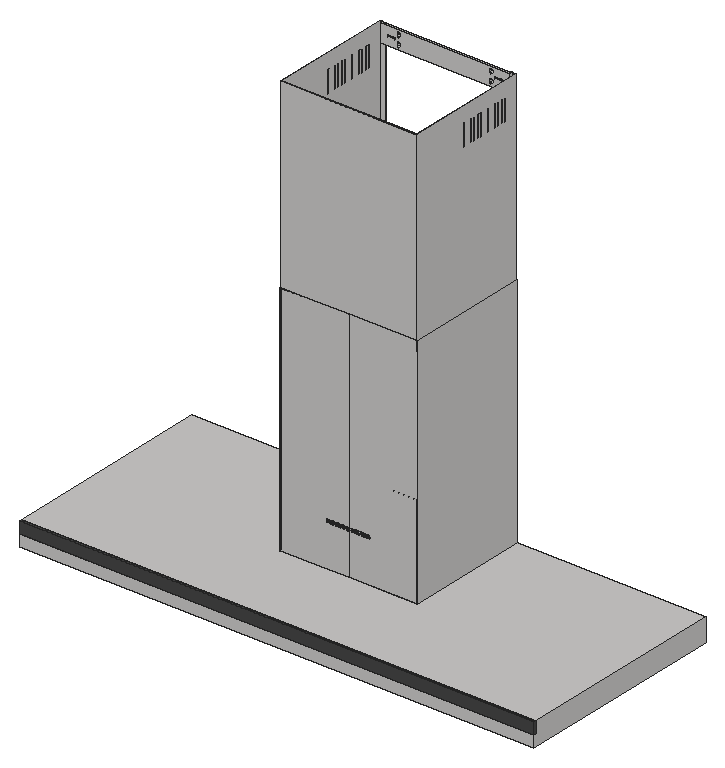
Revit family "FP_Revit_18_HC120DCXB1_Rangehood_90001850A", category Specialty Equipment, Revit 2018
Family settings
  Round Connector Dimension = Use Diameter
  Part Type = Normal
  OmniClass Number = 23.40.40.00
  OmniClass Title = Food Service Equipment and Furnishings
  Work Plane-Based = No
  Always vertical = Yes
  Cut with Voids When Loaded = Yes
  Shared = No
  Room Calculation Point = No
Parameters
  Visibility - Upper Chimney Extension [instance] = yes
  URL = "www.fisherpaykel.com"
  Product - Width = 899 mm  # constant formula
  Product - Height (595mm - 1035mm) [instance] = 1035 mm
  Product - Depth = 500 mm  # constant formula
  Model = "HC120DCXB1"
  Material - Display Panel = Fisher & Paykel - Black
  Material - Body = Fisher & Paykel - Stainless Steel
  Manufacturer = "Fisher & Paykel Appliances"
  FFL Offset [instance] = 1565 mm
  Description = "120cm Rangehood"
  Connector Description - Extraction = "150mm Semi Rigid Rangehood Ducting, 800m³/hr"
  Connector Description - Electrical = "220-240 V, 50 Hz, 370 W"
  Chassis - Width = 320 mm  # constant formula
  Chassis - Height = 604 mm  # constant formula
  Chassis - Depth = 291 mm  # constant formula
Reference planes
  plane 1 "Datum": y = 0
  plane 2: z = 0
  plane 3 "Center (Left/Right)": x = 0
  plane 4 "Product - Height": z = 2600
  plane 5 "Product LHS": x = -599
  plane 6 "Product RHS": x = 599
  plane 7 "Product - Depth": y = -500
  plane 8 "Cavity LHS": x = -160
  plane 9 "Cavity RHS": x = 160
  plane 10 "Chassis - Depth": y = -291
  plane 11 "FFL Offset": z = 1565
Forms (mm)
  Extrusion 1, solid, material "Fisher & Paykel - Stainless Steel" <- "Material - Body"
    sketch origin (0, 0, 0) x (1, 0, 0) y (0, 1, 0)
      loop
        line (-145, 0) -> (-160, 0) -> (-160, -291) -> (0, -291) -> (160, -291) -> (160, 0) -> (145, 0) -> (145, -1) -> (159, -1) -> (159, -290) -> (-159, -290) -> (-159, -1) -> (-145, -1) -> (-145, 0)
    from 1620 to 2169
  Extrusion 2, solid, material "Fisher & Paykel - Stainless Steel" <- "Material - Body", visible <- "Visibility - Upper Chimney Extension"
    sketch origin (0, 0, 0) x (1, 0, 0) y (0, 1, 0)
      loop
        line (-158, -3) -> (-145, -3) -> (-145, -2) -> (-159, -2) -> (-159, -290) -> (159, -290) -> (159, -2) -> (145, -2) -> (145, -3) -> (158, -3) -> (158, -289.044) -> (-158, -289.044) -> (-158, -3)
    from 2149 to 2600
  Extrusion 3, solid, material "Fisher & Paykel - Stainless Steel" <- "Material - Body"
    sketch origin (0, 0, 0) x (1, 0, 0) y (0, 1, 0)
      loop
        line (-599, 0) -> (-599, -500) -> (599, -500) -> (599, 0) -> (-599, 0)
    from 1565 to 1620
  Extrusion 4, void
    sketch origin (0, 0, 0) x (0, 1, 0) y (0, 0, 1)
      loop
        line (-500, 1620) -> (-500, 1592.5) -> (-495, 1592.5) -> (-495, 1620) -> (-500, 1620)
    from -599 to 599
  Extrusion 5, solid, material "Fisher & Paykel - Black" <- "Material - Display Panel", detail levels medium+fine
    sketch origin (0, 0, 1000) x (0, 1, 0) y (0, 0, 1)
      loop
        line (-495, 592.5) -> (-495, 620) -> (-500, 620) -> (-500, 592.5) -> (-495, 592.5)
    from -599 to 599
  Extrusion 6, solid, material "Fisher & Paykel - Stainless Steel" <- "Material - Body"
    sketch origin (0, 0, 0) x (1, 0, 0) y (0, 1, 0)
      loop
        line (159, -1) -> (-159, -1) -> (-159, -290) -> (159, -290) -> (159, -1)
    from 1620 to 1838
  Extrusion 7, solid, material "Fisher & Paykel - Stainless Steel" <- "Material - Body"
    sketch origin (0, 0, 0) x (1, 0, 0) y (0, 1, 0)
      loop
        circle (0, -105) r 75
      loop
        circle (0, -105) r 73
    from 1838 to 1970.269
  Extrusion 8, solid, material "Fisher & Paykel - Stainless Steel" <- "Material - Body"
    sketch origin (0, 0, 0) x (1, 0, 0) y (0, 0, 1)
      loop
        line (-145, 1860) -> (-145, 1838) -> (145, 1838) -> (145, 1860) -> (-145, 1860)
      loop
        line (-127.5, 1851) -> (-127.5, 1849.33)
        arc (-127.5, 1849.33) -> (-125, 1840) -> (-122.5, 1849.33) r 5
        line (-122.5, 1849.33) -> (-122.5, 1851)
        arc (-122.5, 1851) -> (-125, 1853.5) -> (-127.5, 1851) r 2.5
      loop
        line (122.5, 1851) -> (122.5, 1849.33)
        arc (122.5, 1849.33) -> (125, 1840) -> (127.5, 1849.33) r 5
        line (127.5, 1849.33) -> (127.5, 1851)
        arc (127.5, 1851) -> (125, 1853.5) -> (122.5, 1851) r 2.5
    from 0 to 2
  Extrusion 9, solid, material "Fisher & Paykel - Stainless Steel" <- "Material - Body", visible <- "Visibility - Upper Chimney Extension"
    sketch origin (0, 0, 0) x (1, 0, 0) y (0, 0, 1)
      loop
        line (-150, 2558.811) -> (150, 2558.811) -> (150, 2600) -> (-150, 2600) -> (-150, 2558.811)
      loop
        line (104, 2592.5) -> (104, 2588.5)
        arc (104, 2588.5) -> (108, 2584.5) -> (112, 2588.5) r 4
        line (112, 2588.5) -> (112, 2592.5)
        arc (112, 2592.5) -> (108, 2596.5) -> (104, 2592.5) r 4
      loop
        arc (112, 2571.5) -> (108, 2575.5) -> (104, 2571.5) r 4
        line (104, 2571.5) -> (104, 2566.794)
        arc (104, 2566.794) -> (108, 2563.544) -> (112, 2566.794) r 4.087
        line (112, 2566.794) -> (112, 2571.5)
      loop
        arc (117.5, 2582.5) -> (115, 2580) -> (117.5, 2577.5) r 2.5
        line (117.5, 2577.5) -> (132.5, 2577.5)
        arc (132.5, 2577.5) -> (135, 2580) -> (132.5, 2582.5) r 2.5
        line (132.5, 2582.5) -> (117.5, 2582.5)
      loop
        arc (-104, 2592.5) -> (-108, 2596.5) -> (-112, 2592.5) r 4
        line (-112, 2592.5) -> (-112, 2588.5)
        arc (-112, 2588.5) -> (-108, 2584.5) -> (-104, 2588.5) r 4
        line (-104, 2588.5) -> (-104, 2592.5)
      loop
        line (-112, 2571.5) -> (-112, 2566.794)
        arc (-112, 2566.794) -> (-108, 2563.544) -> (-104, 2566.794) r 4.087
        line (-104, 2566.794) -> (-104, 2571.5)
        arc (-104, 2571.5) -> (-108, 2575.5) -> (-112, 2571.5) r 4
      loop
        line (-117.5, 2582.5) -> (-132.5, 2582.5)
        arc (-132.5, 2582.5) -> (-135, 2580) -> (-132.5, 2577.5) r 2.5
        line (-132.5, 2577.5) -> (-117.5, 2577.5)
        arc (-117.5, 2577.5) -> (-115, 2580) -> (-117.5, 2582.5) r 2.5
    from 3 to 9
  Extrusion 10, void
    sketch origin (0, 0, 0) x (0, 1, 0) y (0, 0, 1)
      loop
        line (-157, 2564.417) -> (-157, 2514.417)
        arc (-157, 2514.417) -> (-154.5, 2511.917) -> (-152, 2514.417) r 2.5
        line (-152, 2514.417) -> (-152, 2564.417)
        arc (-152, 2564.417) -> (-154.5, 2566.917) -> (-157, 2564.417) r 2.5
      loop
        line (-147, 2564.417) -> (-147, 2514.417)
        arc (-147, 2514.417) -> (-144.5, 2511.917) -> (-142, 2514.417) r 2.5
        line (-142, 2514.417) -> (-142, 2564.417)
        arc (-142, 2564.417) -> (-144.5, 2566.917) -> (-147, 2564.417) r 2.5
      loop
        line (-137, 2564.417) -> (-137, 2514.417)
        arc (-137, 2514.417) -> (-134.5, 2511.917) -> (-132, 2514.417) r 2.5
        line (-132, 2514.417) -> (-132, 2564.417)
        arc (-132, 2564.417) -> (-134.5, 2566.917) -> (-137, 2564.417) r 2.5
      loop
        line (-127, 2564.417) -> (-127, 2514.417)
        arc (-127, 2514.417) -> (-124.5, 2511.917) -> (-122, 2514.417) r 2.5
        line (-122, 2514.417) -> (-122, 2564.417)
        arc (-122, 2564.417) -> (-124.5, 2566.917) -> (-127, 2564.417) r 2.5
      loop
        line (-117, 2564.417) -> (-117, 2514.417)
        arc (-117, 2514.417) -> (-114.5, 2511.917) -> (-112, 2514.417) r 2.5
        line (-112, 2514.417) -> (-112, 2564.417)
        arc (-112, 2564.417) -> (-114.5, 2566.917) -> (-117, 2564.417) r 2.5
      loop
        line (-107, 2564.417) -> (-107, 2514.417)
        arc (-107, 2514.417) -> (-104.5, 2511.917) -> (-102, 2514.417) r 2.5
        line (-102, 2514.417) -> (-102, 2564.417)
        arc (-102, 2564.417) -> (-104.5, 2566.917) -> (-107, 2564.417) r 2.5
      loop
        line (-97, 2564.417) -> (-97, 2514.417)
        arc (-97, 2514.417) -> (-94.5, 2511.917) -> (-92, 2514.417) r 2.5
        line (-92, 2514.417) -> (-92, 2564.417)
        arc (-92, 2564.417) -> (-94.5, 2566.917) -> (-97, 2564.417) r 2.5
      loop
        line (-87, 2564.417) -> (-87, 2514.417)
        arc (-87, 2514.417) -> (-84.5, 2511.917) -> (-82, 2514.417) r 2.5
        line (-82, 2514.417) -> (-82, 2564.417)
        arc (-82, 2564.417) -> (-84.5, 2566.917) -> (-87, 2564.417) r 2.5
      loop
        line (-77, 2564.417) -> (-77, 2514.417)
        arc (-77, 2514.417) -> (-74.5, 2511.917) -> (-72, 2514.417) r 2.5
        line (-72, 2514.417) -> (-72, 2564.417)
        arc (-72, 2564.417) -> (-74.5, 2566.917) -> (-77, 2564.417) r 2.5
      loop
        line (-67, 2564.417) -> (-67, 2514.417)
        arc (-67, 2514.417) -> (-64.5, 2511.917) -> (-62, 2514.417) r 2.5
        line (-62, 2514.417) -> (-62, 2564.417)
        arc (-62, 2564.417) -> (-64.5, 2566.917) -> (-67, 2564.417) r 2.5
      loop
        line (-57, 2564.417) -> (-57, 2514.417)
        arc (-57, 2514.417) -> (-54.5, 2511.917) -> (-52, 2514.417) r 2.5
        line (-52, 2514.417) -> (-52, 2564.417)
        arc (-52, 2564.417) -> (-54.5, 2566.917) -> (-57, 2564.417) r 2.5
      loop
        line (-47, 2564.417) -> (-47, 2514.417)
        arc (-47, 2514.417) -> (-44.5, 2511.917) -> (-42, 2514.417) r 2.5
        line (-42, 2514.417) -> (-42, 2564.417)
        arc (-42, 2564.417) -> (-44.5, 2566.917) -> (-47, 2564.417) r 2.5
      loop
        line (-37, 2564.417) -> (-37, 2514.417)
        arc (-37, 2514.417) -> (-34.5, 2511.917) -> (-32, 2514.417) r 2.5
        line (-32, 2514.417) -> (-32, 2564.417)
        arc (-32, 2564.417) -> (-34.5, 2566.917) -> (-37, 2564.417) r 2.5
    from -159 to 159
  Extrusion 11, solid, material "Fisher & Paykel - Stainless Steel" <- "Material - Body"
    sketch origin (0, 0, 0) x (1, 0, 0) y (0, 0, 1)
      loop
        line (145, 2141) -> (-145, 2141) -> (-145, 2101) -> (145, 2101) -> (145, 2141)
      loop
        line (125, 2123.5) -> (110, 2123.5)
        arc (110, 2123.5) -> (107.5, 2121) -> (110, 2118.5) r 2.5
        line (110, 2118.5) -> (125, 2118.5)
        arc (125, 2118.5) -> (127.5, 2121) -> (125, 2123.5) r 2.5
      loop
        line (-110, 2123.5) -> (-125, 2123.5)
        arc (-125, 2123.5) -> (-127.5, 2121) -> (-125, 2118.5) r 2.5
        line (-125, 2118.5) -> (-110, 2118.5)
        arc (-110, 2118.5) -> (-107.5, 2121) -> (-110, 2123.5) r 2.5
    from 2 to 9
  Extrusion 12, void
    sketch origin (0, 0, 0) x (1, 0, 0) y (0, 1, 0)
      loop
        line (-516, -400) -> (516.834, -400) -> (516.834, -83) -> (-516, -83) -> (-516, -400)
      loop
        circle (115, -45) r 25
      loop
        circle (-115, -45) r 25
    from 1565 to 1574
  Extrusion 13, solid, material "Fisher & Paykel - Stainless Steel" <- "Material - Body", detail levels fine
    sketch origin (0, 0, 0) x (1, 0, 0) y (0, 1, 0)
      loop
        line (516, -83) -> (258.469, -83) -> (258.469, -400) -> (516, -400) -> (516, -83)
      loop
        line (267, -391) -> (368.5, -391) -> (368.5, -347) -> (405.5, -347) -> (405.5, -391) -> (507, -391) -> (507, -92) -> (267, -92) -> (267, -391)
      loop
        line (397.5, -357.5) -> (376.5, -357.5) -> (376.5, -391) -> (397.5, -391) -> (397.5, -357.5)
      loop
        line (376.9, -364.5) -> (376.9, -390.562) -> (397.1, -390.562) -> (397.1, -364.5) -> (376.9, -364.5)
      loop
        line (258.001, -83) -> (0.47, -83) -> (0.47, -400) -> (258.001, -400) -> (258.001, -83)
      loop
        line (9.001, -391) -> (110.501, -391) -> (110.501, -347) -> (147.501, -347) -> (147.501, -391) -> (249.001, -391) -> (249.001, -92) -> (9.001, -92) -> (9.001, -391)
      loop
        line (139.501, -357.5) -> (118.501, -357.5) -> (118.501, -391) -> (139.501, -391) -> (139.501, -357.5)
      loop
        line (118.901, -364.5) -> (118.901, -390.562) -> (139.101, -390.562) -> (139.101, -364.5) -> (118.901, -364.5)
      loop
        line (-516, -83) -> (-516, -400) -> (-258.469, -400) -> (-258.469, -83) -> (-516, -83)
      loop
        line (-267, -391) -> (-267, -92) -> (-507, -92) -> (-507, -391) -> (-405.5, -391) -> (-405.5, -347) -> (-368.5, -347) -> (-368.5, -391) -> (-267, -391)
      loop
        line (-397.5, -357.5) -> (-397.5, -391) -> (-376.5, -391) -> (-376.5, -357.5) -> (-397.5, -357.5)
      loop
        line (-376.9, -364.5) -> (-397.1, -364.5) -> (-397.1, -390.562) -> (-376.9, -390.562) -> (-376.9, -364.5)
      loop
        line (-258.001, -83) -> (-258.001, -400) -> (-0.47, -400) -> (-0.47, -83) -> (-258.001, -83)
      loop
        line (-9.001, -391) -> (-9.001, -92) -> (-249.001, -92) -> (-249.001, -391) -> (-147.501, -391) -> (-147.501, -347) -> (-110.501, -347) -> (-110.501, -391) -> (-9.001, -391)
      loop
        line (-139.501, -357.5) -> (-139.501, -391) -> (-118.501, -391) -> (-118.501, -357.5) -> (-139.501, -357.5)
      loop
        line (-118.901, -364.5) -> (-139.101, -364.5) -> (-139.101, -390.562) -> (-118.901, -390.562) -> (-118.901, -364.5)
    from 1565 to 1574
  Extrusion 14, solid, material "Fisher & Paykel - Aluminium", detail levels medium+fine
    sketch origin (0, 0, 0) x (1, 0, 0) y (0, 1, 0)
      loop
        line (507, -92) -> (267, -92) -> (267, -391) -> (368.5, -391) -> (368.5, -347) -> (405.5, -347) -> (405.5, -391) -> (507, -391) -> (507, -92)
      loop
        line (249.001, -92) -> (9.001, -92) -> (9.001, -391) -> (110.501, -391) -> (110.501, -347) -> (147.501, -347) -> (147.501, -391) -> (249.001, -391) -> (249.001, -92)
      loop
        line (-507, -92) -> (-507, -391) -> (-405.5, -391) -> (-405.5, -347) -> (-368.5, -347) -> (-368.5, -391) -> (-267, -391) -> (-267, -92) -> (-507, -92)
      loop
        line (-249.001, -92) -> (-249.001, -391) -> (-147.501, -391) -> (-147.501, -347) -> (-110.501, -347) -> (-110.501, -391) -> (-9.001, -391) -> (-9.001, -92) -> (-249.001, -92)
    from 1565 to 1572
  Extrusion 15, solid, material "Fisher & Paykel - Bezel White", detail levels fine
    sketch origin (0, 0, 0) x (1, 0, 0) y (0, 1, 0)
      loop
        circle (115, -45) r 22
      loop
        circle (-115, -45) r 22
    from 1565 to 1572
  Extrusion 16, solid, material "Fisher & Paykel - Stainless Steel" <- "Material - Body", detail levels fine
    sketch origin (0, 0, 0) x (1, 0, 0) y (0, 1, 0)
      loop
        circle (115, -45) r 22
      loop
        circle (115, -45) r 25
      loop
        circle (-115, -45) r 22
      loop
        circle (-115, -45) r 25
    from 1566 to 1574
  Extrusion 17, solid, material "Fisher & Paykel - Stainless Steel" <- "Material - Body", detail levels medium+fine
    sketch origin (0, 0, 0) x (1, 0, 0) y (0, 1, 0)
      loop
        circle (101, -15) r 4
    from 1838 to 1970.269
Cuts and joins
  Extrusion 4, Extrusion 12 cuts Extrusion 3
  Extrusion 10 cuts Extrusion 2
Text (mm)
  text "Due to ongoing product development, product details are subject to change without notice. \nPlease always refer to www.fisherpaykel.com for the most current product information. \n© Fisher & Paykel 2020" at (41.04, -1225.549, 0), in view "Ref. Level (Plan)"
Dimensions and locks
  equal spacing: plane 5 "Product LHS", plane 3 "Center (Left/Right)", plane 6 "Product RHS"
  equal spacing: plane 8 "Cavity LHS", plane 3 "Center (Left/Right)", plane 9 "Cavity RHS"
  "Chassis - Width": plane 8 "Cavity LHS" to plane 9 "Cavity RHS"
  locked: Extrusion 1 sketch curve to Extrusion 1 sketch curve at 1  (x3)
  locked: Extrusion 2 to Extrusion 2 at 451
  "Product - Depth": plane 7 "Product - Depth" to plane 1 "Datum"
  "FFL Offset": plane 11 "FFL Offset" to level
  Extrusion 9 sketch curve to plane 4 "Product - Height" = 41.189 mm
  Extrusion 9 sketch curve to plane 4 "Product - Height" = 17.5 mm
  "Chassis - Height": Extrusion 1 to plane 11 "FFL Offset"
  plane 11 "FFL Offset" to Extrusion 8 sketch curve = 295 mm
  locked: Extrusion 7 to plane 11 "FFL Offset" at 405.269
  locked: cut or joined group of Extrusion 3, Extrusion 4, Extrusion 12 to plane 11 "FFL Offset" at 9
  locked: Extrusion 14 to plane 11 "FFL Offset" at 7
  locked: Extrusion 5 to plane 11 "FFL Offset" at 27.5
  locked: plane 11 "FFL Offset" to nested 1 at 153
  "Product - Height (595mm - 1035mm)": plane 4 "Product - Height" to plane 11 "FFL Offset"
  locked: cut or joined group of Extrusion 3, Extrusion 4, Extrusion 12 to Extrusion 16 at 1
  locked: Extrusion 6 to plane 11 "FFL Offset" at 273
  "Chassis - Depth": plane 1 "Datum" to plane 10 "Chassis - Depth"
  locked: cut or joined group of Extrusion 3, Extrusion 4, Extrusion 12 to plane 11 "FFL Offset" at 55
  locked: Extrusion 9 to plane 4 "Product - Height" at 41.189
  locked: plane 11 "FFL Offset" to Extrusion 11 at 536
  locked: plane 11 "FFL Offset" to Extrusion 11 at 576
  aligned and locked: level to plane 2
  aligned and locked: Extrusion 1 sketch curve to plane 8 "Cavity LHS"
  aligned and locked: plane 9 "Cavity RHS" to Extrusion 1 sketch curve
  aligned and locked: plane 1 "Datum" to Extrusion 1 sketch curve  (x2)
  aligned and locked: plane 10 "Chassis - Depth" to Extrusion 1 sketch curve
  aligned and locked: plane 6 "Product RHS" to Extrusion 3 sketch curve
  aligned and locked: plane 1 "Datum" to Extrusion 3 sketch curve
  aligned and locked: Extrusion 3 sketch curve to plane 5 "Product LHS"
  aligned and locked: Extrusion 3 sketch curve to plane 7 "Product - Depth"
  aligned and locked: plane 7 "Product - Depth" to Extrusion 4 sketch curve
  aligned and locked: Extrusion 4 sketch curve to cut or joined group of Extrusion 3, Extrusion 4, Extrusion 12
  aligned and locked: Extrusion 4 to plane 6 "Product RHS"
  aligned and locked: plane 5 "Product LHS" to Extrusion 4
  aligned and locked: cut or joined group of Extrusion 3, Extrusion 4, Extrusion 12 to Extrusion 5
  aligned and locked: Extrusion 5 to cut or joined group of Extrusion 3, Extrusion 4, Extrusion 12
  aligned and locked: Extrusion 1 to Extrusion 6
  aligned and locked: Extrusion 7 to Extrusion 6
  aligned and locked: plane 4 "Product - Height" to Extrusion 2
  aligned and locked: Extrusion 10 to Extrusion 1  (x2)
  aligned and locked: plane 4 "Product - Height" to Extrusion 9
  aligned and locked: Extrusion 9 sketch curve to Extrusion 9 sketch curve
  aligned and locked: Extrusion 3 to plane 11 "FFL Offset"
  aligned and locked: Extrusion 6 to cut or joined group of Extrusion 3, Extrusion 4, Extrusion 12
  aligned and locked: Extrusion 3 to Extrusion 12
  aligned and locked: cut or joined group of Extrusion 3, Extrusion 4, Extrusion 12 to Extrusion 13  (x2)
  aligned and locked: cut or joined group of Extrusion 3, Extrusion 4, Extrusion 12 to Extrusion 14
  aligned and locked: Extrusion 15 to Extrusion 14
  aligned and locked: cut or joined group of Extrusion 3, Extrusion 4, Extrusion 12 to Extrusion 15
  aligned and locked: Extrusion 4 to Extrusion 5
  aligned and locked: Extrusion 1 to Extrusion 5
  aligned and locked: Extrusion 16 to cut or joined group of Extrusion 3, Extrusion 4, Extrusion 12
  aligned and locked: Extrusion 17 to Extrusion 6
  aligned and locked: Extrusion 17 to Extrusion 7
  aligned and locked: cut or joined group of Extrusion 2, Extrusion 10 to Extrusion 9
Automatic sketch dimensions
  Extrusion 1 sketch curve to plane 3 "Center (Left/Right)" = 0 mm
  plane 1 "Datum" to Extrusion 1 sketch curve = 1 mm  (x2)
  Extrusion 1 sketch curve to Extrusion 1 sketch curve = 14 mm
  plane 9 "Cavity RHS" to Extrusion 1 sketch curve = 15 mm
  plane 7 "Product - Depth" to Extrusion 4 sketch curve = 5 mm
  level to Extrusion 4 sketch curve = 1592.5 mm
  Extrusion 5 sketch curve to Extrusion 5 sketch curve = 27.5 mm
  Extrusion 6 sketch curve to plane 8 "Cavity LHS" = 1 mm
  plane 9 "Cavity RHS" to Extrusion 6 sketch curve = 1 mm
  plane 10 "Chassis - Depth" to Extrusion 6 sketch curve = 1 mm
  plane 1 "Datum" to Extrusion 6 sketch curve = 1 mm
  Extrusion 2 sketch curve to plane 8 "Cavity LHS" = 1 mm
  Extrusion 2 sketch curve to Extrusion 2 sketch curve = 1 mm  (x3)
  plane 1 "Datum" to Extrusion 2 sketch curve = 3 mm  (x2)
  Extrusion 2 sketch curve to Extrusion 2 sketch curve = 13 mm
  plane 9 "Cavity RHS" to Extrusion 2 sketch curve = 15 mm
  plane 9 "Cavity RHS" to Extrusion 2 sketch curve = 2 mm
  plane 9 "Cavity RHS" to Extrusion 2 sketch curve = 1 mm
  plane 10 "Chassis - Depth" to Extrusion 2 sketch curve = 1.956 mm
  plane 10 "Chassis - Depth" to Extrusion 2 sketch curve = 1 mm
  Extrusion 10 sketch curve to plane 4 "Product - Height" = 85.583 mm  (x2)
  plane 1 "Datum" to Extrusion 10 sketch curve = 157 mm
  Extrusion 10 sketch curve to Extrusion 10 sketch curve = 2.5 mm  (x13)
  Extrusion 10 sketch curve to Extrusion 10 sketch curve = 5 mm  (x12)
  Extrusion 10 sketch curve to Extrusion 10 sketch curve = 0 mm  (x23)
  Extrusion 10 sketch curve to plane 4 "Product - Height" = 35.583 mm
  Extrusion 11 sketch curve to plane 5 "Product LHS" = 454 mm
  Extrusion 11 sketch curve to Extrusion 11 sketch curve = 20 mm  (x2)
  Extrusion 11 sketch curve to Extrusion 11 sketch curve = 15 mm  (x2)
  Extrusion 11 sketch curve to plane 8 "Cavity LHS" = 270 mm
  Extrusion 11 sketch curve to Extrusion 11 sketch curve = 17.5 mm  (x3)
  Extrusion 11 sketch curve to Extrusion 11 sketch curve = 2.5 mm  (x2)
  Extrusion 5 sketch curve to Extrusion 5 sketch curve = 5 mm
  Extrusion 5 sketch curve to plane 7 "Product - Depth" = 0 mm
  plane 11 "FFL Offset" to Extrusion 5 sketch curve = 27.5 mm
  Extrusion 15 sketch curve to plane 8 "Cavity LHS" = 45 mm
  plane 9 "Cavity RHS" to Extrusion 15 sketch curve = 45 mm
  plane 1 "Datum" to Extrusion 15 sketch curve = 45 mm  (x2)
  Extrusion 12 sketch curve to plane 5 "Product LHS" = 83 mm
  Extrusion 12 sketch curve to plane 8 "Cavity LHS" = 45 mm
  plane 9 "Cavity RHS" to Extrusion 12 sketch curve = 45 mm
  plane 6 "Product RHS" to Extrusion 12 sketch curve = 82.166 mm
  plane 7 "Product - Depth" to Extrusion 12 sketch curve = 100 mm
  plane 1 "Datum" to Extrusion 12 sketch curve = 83 mm
  plane 1 "Datum" to Extrusion 12 sketch curve = 45 mm  (x2)
  Extrusion 16 sketch curve to Extrusion 16 sketch curve = 0 mm  (x4)
  Extrusion 16 sketch curve to plane 8 "Cavity LHS" = 45 mm
  plane 9 "Cavity RHS" to Extrusion 16 sketch curve = 45 mm
  plane 1 "Datum" to Extrusion 16 sketch curve = 45 mm  (x2)
  Extrusion 7 sketch curve to Extrusion 7 sketch curve = 0 mm  (x2)
  Extrusion 7 sketch curve to plane 3 "Center (Left/Right)" = 0 mm
  plane 1 "Datum" to Extrusion 7 sketch curve = 105 mm
  Extrusion 8 sketch curve to plane 8 "Cavity LHS" = 15 mm
  Extrusion 8 sketch curve to Extrusion 8 sketch curve = 17.5 mm
  Extrusion 8 sketch curve to Extrusion 8 sketch curve = 2.5 mm  (x4)
  plane 9 "Cavity RHS" to Extrusion 8 sketch curve = 37.5 mm
  plane 9 "Cavity RHS" to Extrusion 8 sketch curve = 15 mm
  Extrusion 8 sketch curve to Extrusion 8 sketch curve = 9 mm  (x2)
  Extrusion 8 sketch curve to Extrusion 8 sketch curve = 1.67 mm  (x2)
  Extrusion 8 sketch curve to Extrusion 8 sketch curve = 4.33 mm  (x2)
  Extrusion 8 sketch curve to Extrusion 8 sketch curve = 11.33 mm
  plane 1 "Datum" to Extrusion 17 sketch curve = 15 mm
  plane 9 "Cavity RHS" to Extrusion 17 sketch curve = 59 mm
  Extrusion 9 sketch curve to plane 4 "Product - Height" = 0 mm
  Extrusion 9 sketch curve to plane 8 "Cavity LHS" = 10 mm
  Extrusion 9 sketch curve to Extrusion 9 sketch curve = 17.5 mm
  Extrusion 9 sketch curve to Extrusion 9 sketch curve = 15 mm  (x2)
  Extrusion 9 sketch curve to Extrusion 9 sketch curve = 5.5 mm  (x3)
  Extrusion 9 sketch curve to Extrusion 9 sketch curve = 4 mm  (x6)
  Extrusion 9 sketch curve to Extrusion 9 sketch curve = 0 mm  (x3)
  Extrusion 9 sketch curve to plane 4 "Product - Height" = 11.5 mm
  plane 9 "Cavity RHS" to Extrusion 9 sketch curve = 56 mm
  plane 9 "Cavity RHS" to Extrusion 9 sketch curve = 10 mm
  Extrusion 9 sketch curve to Extrusion 9 sketch curve = 21.706 mm
  Extrusion 9 sketch curve to Extrusion 9 sketch curve = 15.706 mm
  Extrusion 9 sketch curve to Extrusion 9 sketch curve = 0.837 mm  (x2)
  Extrusion 9 sketch curve to Extrusion 9 sketch curve = 3.87 mm
  Extrusion 9 sketch curve to Extrusion 9 sketch curve = 4.706 mm
  Extrusion 9 sketch curve to Extrusion 9 sketch curve = 5 mm
  Extrusion 9 sketch curve to Extrusion 9 sketch curve = 2.5 mm
  Extrusion 9 sketch curve to Extrusion 9 sketch curve = 6 mm
  Extrusion 11 sketch curve to plane 4 "Product - Height" = 499 mm
  Extrusion 13 sketch curve to plane 5 "Product LHS" = 83 mm
  Extrusion 13 sketch curve to Extrusion 13 sketch curve = 9 mm  (x11)
  Extrusion 13 sketch curve to Extrusion 13 sketch curve = 101.5 mm  (x2)
  Extrusion 13 sketch curve to Extrusion 13 sketch curve = 8 mm  (x7)
  Extrusion 13 sketch curve to Extrusion 13 sketch curve = 0.4 mm  (x8)
  Extrusion 13 sketch curve to Extrusion 13 sketch curve = 20.2 mm  (x4)
  plane 8 "Cavity LHS" to Extrusion 13 sketch curve = 107 mm
  Extrusion 13 sketch curve to Extrusion 13 sketch curve = 8.531 mm  (x2)
  Extrusion 13 sketch curve to Extrusion 13 sketch curve = 0.468 mm  (x2)
  Extrusion 13 sketch curve to plane 8 "Cavity LHS" = 12.499 mm
  Extrusion 13 sketch curve to plane 3 "Center (Left/Right)" = 9.001 mm
  Extrusion 13 sketch curve to plane 3 "Center (Left/Right)" = 0.47 mm
  plane 3 "Center (Left/Right)" to Extrusion 13 sketch curve = 0.47 mm
  plane 3 "Center (Left/Right)" to Extrusion 13 sketch curve = 9.001 mm
  plane 9 "Cavity RHS" to Extrusion 13 sketch curve = 49.499 mm
  plane 9 "Cavity RHS" to Extrusion 13 sketch curve = 12.499 mm
  Extrusion 13 sketch curve to plane 9 "Cavity RHS" = 89.001 mm
  plane 6 "Product RHS" to Extrusion 13 sketch curve = 92 mm
  plane 7 "Product - Depth" to Extrusion 13 sketch curve = 100 mm  (x3)
  Extrusion 13 sketch curve to Extrusion 13 sketch curve = 0 mm  (x9)
  Extrusion 13 sketch curve to plane 10 "Chassis - Depth" = 100 mm  (x2)
  Extrusion 13 sketch curve to Extrusion 13 sketch curve = 0.438 mm  (x4)
  Extrusion 13 sketch curve to Extrusion 13 sketch curve = 26.062 mm  (x4)
  Extrusion 13 sketch curve to Extrusion 13 sketch curve = 7 mm  (x4)
  Extrusion 13 sketch curve to Extrusion 13 sketch curve = 10.5 mm  (x4)
  plane 1 "Datum" to Extrusion 13 sketch curve = 92 mm  (x3)
  Extrusion 14 sketch curve to plane 5 "Product LHS" = 92 mm
  Extrusion 14 sketch curve to Extrusion 14 sketch curve = 101.5 mm  (x3)
  Extrusion 14 sketch curve to Extrusion 14 sketch curve = 37 mm  (x3)
  Extrusion 14 sketch curve to Extrusion 14 sketch curve = 17.999 mm  (x2)
  Extrusion 14 sketch curve to plane 8 "Cavity LHS" = 12.499 mm
  Extrusion 14 sketch curve to plane 3 "Center (Left/Right)" = 9.001 mm
  plane 3 "Center (Left/Right)" to Extrusion 14 sketch curve = 9.001 mm
  plane 9 "Cavity RHS" to Extrusion 14 sketch curve = 49.499 mm
  plane 9 "Cavity RHS" to Extrusion 14 sketch curve = 12.499 mm
  Extrusion 14 sketch curve to plane 9 "Cavity RHS" = 89.001 mm
  plane 6 "Product RHS" to Extrusion 14 sketch curve = 92 mm
  Extrusion 14 sketch curve to plane 10 "Chassis - Depth" = 100 mm  (x2)
  Extrusion 14 sketch curve to Extrusion 14 sketch curve = 0 mm  (x7)
  Extrusion 14 sketch curve to Extrusion 14 sketch curve = 44 mm  (x4)
  plane 1 "Datum" to Extrusion 14 sketch curve = 92 mm  (x3)
  radius of Extrusion 15 sketch curve = 22 mm  (x2)
  radius of Extrusion 12 sketch curve = 25 mm  (x2)
  radius of Extrusion 16 sketch curve = 22 mm  (x2)
  radius of Extrusion 16 sketch curve = 25 mm  (x2)
  radius of Extrusion 7 sketch curve = 73 mm
  radius of Extrusion 7 sketch curve = 75 mm
  radius of Extrusion 17 sketch curve = 4 mm
Nested families
  nested 1: "F&P Logo 100mm" at (0.236, -291, 1718.109), type "Grey"
Connectors
  hvac at (0, -105, 1970.269), driven by "Connector Description - Extraction"
    settings: on Extrusion 7, index 1, duct flow 0.0 L/s, flow factor 0, pres drop 0.0 Pa, loss coef 0, conn angle 0.00°, conn width 304.8 mm, conn height 304.8 mm, conn diameter 150 mm, duct sys type 3, conn prof type 0, flow config 0, flow direction 2, loss method 0, conn ref index -1, conn util no, is conn primary yes, conn desc "150mm Semi Rigid Rangehood Ducting, 800m³/hr"
  electrical at (101, -15, 1970.269), driven by "Connector Description - Electrical"
    settings: on Extrusion 17, index 2, voltage 230 V, apparent load 0 VA, apparent load phase1 0 VA, apparent load phase2 0 VA, apparent load phase3 0 VA, power factor 1, load classification "Other", number of poles 1, system type 30, power factor state 1, is connector primary yes, connector utility no, sub classification motor no, connector description "220-240 V, 50 Hz, 370 W"
Definition of nested family "F&P Logo 100mm"
  Parameters (values of type "Chrome")
    URL = "www.fisherpaykel.com"
    Material - Logo = none
    Manufacturer = "Fisher & Paykel Appliances"
  Types (3): name
    (no name)
    Chrome
    Grey
  Reference planes
    plane 1 "Center (Front/Back)": y = 0
    plane 2: z = 0
    plane 3 "Center (Left/Right)": x = 0
  Forms (mm)
    Extrusion 1, solid, material <- "Material - Logo", detail levels fine
      sketch origin (0, 0, 0) x (1, 0, 0) y (0, 0, 1)
        loop
          line (-50.044, 0) -> (-48.47, 0) -> (-48.47, 2.138) -> (-46.011, 2.138) -> (-46.011, 3.472) -> (-48.47, 3.472) -> (-48.47, 4.712) -> (-45.795, 4.712) -> (-45.795, 6.04) -> (-50.044, 6.04) -> (-50.044, 0)
        loop
          line (-42.804, 6.04) -> (-42.804, 0) -> (-41.23, 0) -> (-41.23, 6.04) -> (-42.804, 6.04)
        loop
          line (-30.724, 6.04) -> (-30.724, 0) -> (-29.151, 0) -> (-29.151, 2.42) -> (-26.839, 2.42) -> (-26.839, 0) -> (-25.265, 0) -> (-25.265, 6.04) -> (-26.839, 6.04) -> (-26.839, 3.748) -> (-29.151, 3.748) -> (-29.151, 6.04) -> (-30.724, 6.04)
        loop
          line (-21.906, 6.04) -> (-21.906, 0) -> (-17.602, 0) -> (-17.602, 1.328) -> (-20.347, 1.328) -> (-20.347, 2.42) -> (-17.838, 2.42) -> (-17.838, 3.748) -> (-20.347, 3.748) -> (-20.347, 4.712) -> (-17.602, 4.712) -> (-17.602, 6.04) -> (-21.906, 6.04)
        loop
          line (45.667, 6.04) -> (45.667, 0) -> (49.956, 0) -> (49.956, 1.328) -> (47.241, 1.328) -> (47.241, 6.04) -> (45.667, 6.04)
        loop
          line (42.431, 6.04) -> (38.112, 6.04) -> (38.112, 0) -> (42.431, 0) -> (42.431, 1.328) -> (39.687, 1.328) -> (39.687, 2.42) -> (42.195, 2.42) -> (42.195, 3.748) -> (39.687, 3.748) -> (39.687, 4.712) -> (42.431, 4.712) -> (42.431, 6.04)
        loop
          line (33.451, 3.148) -> (35.683, 6.04) -> (33.844, 6.04) -> (31.915, 3.542) -> (31.915, 6.04) -> (30.342, 6.04) -> (30.342, 0) -> (31.915, 0) -> (31.915, 2.705) -> (33.903, 0) -> (35.763, 0) -> (33.451, 3.148)
        loop
          line (21.98, 6.04) -> (24.262, 2.42) -> (24.262, 0) -> (25.837, 0) -> (25.837, 2.341) -> (28.119, 6.04) -> (26.446, 6.04) -> (25.099, 3.707) -> (23.753, 6.04) -> (21.98, 6.04)
        loop
          line (18.479, 6.04) -> (16.983, 6.04) -> (14.524, 0) -> (16.069, 0) -> (16.501, 1.112) -> (18.921, 1.112) -> (19.354, 0) -> (20.938, 0) -> (18.479, 6.04)
        loop
          line (18.4, 2.439) -> (17.693, 4.174) -> (17.018, 2.439) -> (18.4, 2.439)
        loop
          line (8.031, 6.04) -> (8.031, 0) -> (9.605, 0) -> (9.605, 1.938) -> (10.599, 1.938)
          arc (10.599, 1.938) -> (12.65, 3.989) -> (10.599, 6.04) r 2.051
          line (10.599, 6.04) -> (8.031, 6.04)
        loop
          line (9.605, 4.712) -> (9.605, 3.197) -> (10.501, 3.197)
          arc (10.501, 3.197) -> (11.259, 3.954) -> (10.501, 4.712) r 0.757
          line (10.501, 4.712) -> (9.605, 4.712)
        loop
          line (-11.783, 6.04) -> (-14.366, 6.04) -> (-14.366, 0) -> (-12.792, 0) -> (-12.792, 1.336) -> (-11.992, 1.336) -> (-10.972, 0) -> (-9.153, 0) -> (-10.694, 1.973)
          arc (-10.694, 1.973) -> (-9.678, 4.424) -> (-11.783, 6.04) r 2.179
        loop
          line (-11.897, 4.712) -> (-12.792, 4.712) -> (-12.792, 3.053) -> (-11.897, 3.053)
          arc (-11.897, 3.053) -> (-11.068, 3.882) -> (-11.897, 4.712) r 0.83
        loop
          line (0.477, 4.712) -> (0.477, 6.153) -> (-3.575, 6.153) -> (-3.575, 4.851) -> (-2.974, 4.112)
          arc (-2.974, 4.112) -> (-3.51, 0.684) -> (-0.045, 0.512) r 2.334
          line (-0.045, 0.512) -> (0.46, -0.109) -> (2.246, -0.109) -> (0.86, 1.594) -> (2.061, 3.324) -> (0.443, 3.324) -> (-0.013, 2.667) -> (-1.677, 4.712) -> (0.477, 4.712)
        loop
          arc (-2.125, 3.068) -> (-2.269, 1.668) -> (-0.868, 1.524) r 0.996
          line (-0.868, 1.524) -> (-2.125, 3.068)
        loop
          line (-35.18, 3.634) -> (-36.516, 3.91)
          arc (-36.516, 3.91) -> (-37.049, 4.443) -> (-36.516, 4.976) r 0.533
          arc (-36.516, 4.976) -> (-35.235, 4.79) -> (-34.059, 4.248) r 4.505
          line (-34.059, 4.248) -> (-34.059, 5.743)
          arc (-34.059, 5.743) -> (-35.549, 6.179) -> (-37.1, 6.109) r 4.726
          arc (-37.1, 6.109) -> (-38.536, 4.335) -> (-37.1, 2.561) r 1.814
          line (-37.1, 2.561) -> (-35.754, 2.282)
          arc (-35.754, 2.282) -> (-35.221, 1.749) -> (-35.754, 1.216) r 0.533
          arc (-35.754, 1.216) -> (-37.035, 1.402) -> (-38.211, 1.945) r 4.505
          line (-38.211, 1.945) -> (-38.211, 0.449)
          arc (-38.211, 0.449) -> (-36.72, 0.013) -> (-35.169, 0.083) r 4.726
          arc (-35.169, 0.083) -> (-33.734, 1.863) -> (-35.18, 3.634) r 1.814
      from 0 to 0.8
  Dimensions and locks
    aligned and locked: level to plane 2
